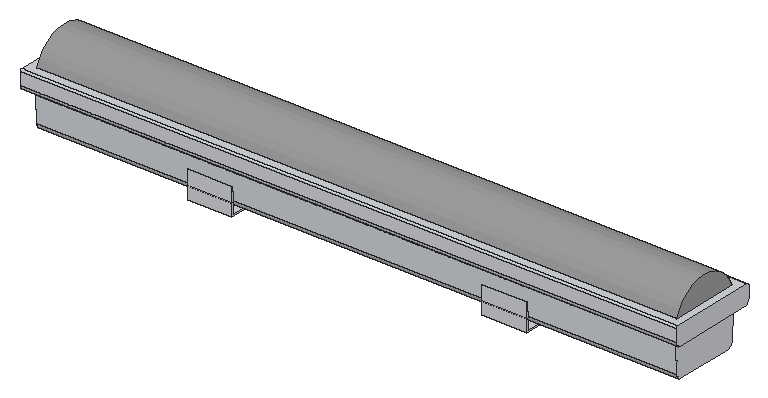
Revit family "0010202", category Lighting Fixtures, host Face, Revit 2017 (continued)
Types (60, lengths in mm): name | Weight | Wattage | TypeName | built-in parameter 1150134 | Photometric Web File | built-in parameter 1150142 | PowerFactor | PowerConsumption | NominalLength | Name | ModelReference | ModelNumber | Model | LuminousEfficacy | built-in parameter 1150105 | Lumens | LampNominalLuminous | LampMacAdamStep | LampColourTemperature | LENGHT_SYL | LENGHT_CHAMFER_SYL | LENGHT-_SYL | LENGHT-_CHAMFER_SYL | L0650_SYL | L1500_SYL | L1200_SYL | built-in parameter 1150107 | built-in parameter 1150106 | built-in parameter 1150104 | DocumentationLiterature | Description | BRACKET_WIDTH_SYL | BRACKET_DIST_SYL | Apparent Load
  0010253 RESISTO 1500 IP66 4000LM 840 EM | "2.5 kg" | 34 W | "Resisto  1500 IP66 4000lm 840 EM" | 12 | "0010253.ies" | "IESNA:LM-63-2002\r\n[TEST] 0010253\r\n[TESTLAB]\r\n[MANUFAC] \r\n[LUMCAT]\r\n[LUMINAIRE] Resisto  1500 IP66 4000lm 840  EM /4000 \r\n[LAMP] 0010253 Resisto  1500 IP66 400/4000\r\n[BALLAST] \r\n[ISSUEDATE]\r\n[OTHER] B-Angle = 0.00 B-Tilt = 0.00 2021-02-16\r\nTILT=NONE\r\n1 4000.00 1 37 5 1 2 0.087 1.500 0.040\r\n1.0 1.0 34.00\r\n   0.00   5.00  10.00  15.00  20.00  25.00  30.00  35.00  40.00  45.00\r\n  50.00  55.00  60.00  65.00  70.00  75.00  80.00  85.00  90.00  95.00\r\n 100.00 105.00 110.00 115.00 120.00 125.00 130.00 135.00 140.00 145.00\r\n 150.00 155.00 160.00 165.00 170.00 175.00 180.00\r\n   0.00  22.50  45.00  67.50  90.00\r\n    1286.32    1282.04    1267.08    1242.24    1204.20    1153.48    1089.96\r\n    1014.52     929.92     838.88     742.84     644.48     545.24     444.32\r\n     341.20     234.40     129.16      41.04       3.44       3.44       3.56\r\n       3.64       3.68       4.00       4.44       4.88       5.36       5.92\r\n       6.56       7.24       7.88       8.56       9.20       9.76      10.20\r\n      10.56      10.80\r\n    1286.32    1282.32    1258.96    1221.88    1180.52    1135.48    1084.04\r\n    1028.00     970.20     909.44     836.64     737.52     606.12     461.80\r\n     332.80     230.44     154.88      99.40      59.44      31.04      16.00\r\n       6.68       4.68       5.08       5.36       5.64       5.96       6.36\r\n       6.84       7.32       7.88       8.44       9.04       9.48       9.92\r\n      10.32      10.80\r\n    1286.32    1275.00    1239.36    1214.04    1191.84    1175.16    1166.84\r\n    1143.48    1092.48     985.60     822.80     647.44     502.76     392.92\r\n     309.80     246.88     196.16     151.64     115.40      87.72      60.76\r\n      37.96      22.28      12.12       7.48       7.32       7.24       7.24\r\n       7.24       7.52       7.96       8.44       8.92       9.36       9.80\r\n      10.16      10.80\r\n    1286.32    1269.16    1235.64    1223.44    1220.12    1235.36    1227.80\r\n    1181.72    1069.64     900.00     732.92     597.68     489.40     405.12\r\n     343.04     291.52     239.48     192.44     153.84     115.48      71.84\r\n      48.56      32.56      22.00      14.16       8.84       8.00       7.92\r\n       7.84       7.84       8.00       8.44       8.96       9.40       9.84\r\n      10.24      10.80\r\n    1286.32    1269.00    1235.96    1226.28    1235.68    1250.20    1239.32\r\n    1175.04    1040.44     867.00     712.80     589.00     489.24     414.92\r\n     359.04     308.00     254.04     204.76     161.72     113.20      70.92\r\n      50.04      36.08      26.60      18.72      12.48       9.84       9.60\r\n       9.48       9.36       9.40       9.68      10.16      10.56      10.84\r\n      10.96      10.80\r\n" | 0.95 | "34 W" | 1500 | "Resisto  1500 IP66 4000lm 840 EM" | "Resisto  1500 IP66 4000lm 840 EM" | "0010253" | "Resisto  1500 IP66 4000lm 840 EM" | "118 lm/W" | 1290.2 (stored number, unit not read) | 4012 lm | "4000 lm" | "5" | "4000 K" | 742 | 750 | -742 | -750 | no | yes | no | 4000 (stored number, unit not read) | 12.902 (stored number, unit not read) | 10.963 (stored number, unit not read) | "http://www.sylvania-lighting.com/product/en-int/products/0010253" | "Resisto, integrated LED weatherproof luminaire, with UV stabilized flat diffuser designed to achieve uniform lit appearance, optimise light output and to reduce glare. 301 stainless steel diffuser clips and fixing brackets for surface mounting. Polycarbonate housing and diffuser - no yellow discolouration over time. 4000lm; 34W; 118lm/W; 4000K; SDCM<5; non dimmable; CRI80; IP66; IK08; Class I; 69,000hrs (L80B20) lifespan; 1500mm x 89mm x 88mm; D-mark; 3-hour maintained emergency batteries." | 550 | 594 | 34 VA
  0010252 RESISTO 1500 IP66 7100LM 840 5XTH | "2.18 kg" | 52 W | "Resisto 1500 IP66 7100lm 840 5xTH" | 12 | "0010252.ies" | "IESNA:LM-63-2002\r\n[TEST] 0010252\r\n[TESTLAB]\r\n[MANUFAC] \r\n[LUMCAT]\r\n[LUMINAIRE] Resisto 1500 IP66 7100lm 840 5 xTH /4000 \r\n[LAMP] 0010252 Resisto 1500 IP66 7100/4000\r\n[BALLAST] \r\n[ISSUEDATE]\r\n[OTHER] B-Angle = 0.00 B-Tilt = 0.00 2021-02-16\r\nTILT=NONE\r\n1 7100.00 1 37 5 1 2 0.087 1.500 0.040\r\n1.0 1.0 52.00\r\n   0.00   5.00  10.00  15.00  20.00  25.00  30.00  35.00  40.00  45.00\r\n  50.00  55.00  60.00  65.00  70.00  75.00  80.00  85.00  90.00  95.00\r\n 100.00 105.00 110.00 115.00 120.00 125.00 130.00 135.00 140.00 145.00\r\n 150.00 155.00 160.00 165.00 170.00 175.00 180.00\r\n   0.00  22.50  45.00  67.50  90.00\r\n    2367.50    2355.99    2324.75    2272.21    2198.66    2105.22    1987.15\r\n    1846.50    1688.17    1517.63    1338.35    1156.09     971.56     783.84\r\n     591.57     393.34     202.42      52.40       6.04       6.32       6.60\r\n       6.74       7.10       7.67       8.38       9.23      10.15      11.15\r\n      12.28      13.49      14.70      15.90      16.97      17.96      18.82\r\n      19.38      19.74\r\n    2367.50    2349.25    2296.64    2224.43    2147.47    2064.82    1969.75\r\n    1864.18    1753.49    1637.54    1496.04    1306.61    1062.44     799.82\r\n     568.50     386.67     253.61     155.92      88.11      42.32      20.66\r\n       8.24       8.38       8.95       9.66      10.22      10.86      11.64\r\n      12.57      13.56      14.55      15.62      16.61      17.61      18.39\r\n      19.03      19.74\r\n    2367.50    2328.59    2259.79    2218.68    2171.11    2138.38    2120.20\r\n    2071.14    1967.62    1757.25    1446.63    1125.85     867.98     675.21\r\n     529.80     419.18     329.30     252.12     190.92     142.71      97.91\r\n      59.78      33.65      17.18      12.99      13.06      13.14      13.14\r\n      13.42      14.06      14.77      15.62      16.47      17.40      18.18\r\n      18.82      19.74\r\n    2367.50    2314.25    2259.57    2234.80    2232.45    2253.47    2231.60\r\n    2133.98    1911.53    1588.98    1283.82    1043.70     851.93     704.04\r\n     595.12     503.60     411.52     330.36     264.33     193.76     120.35\r\n      80.59      53.25      34.65      21.87      14.63      14.48      14.48\r\n      14.41      14.41      14.91      15.62      16.47      17.32      18.18\r\n      18.89      19.74\r\n    2367.50    2303.60    2263.13    2242.32    2275.55    2286.48    2253.19\r\n    2110.69    1838.62    1518.83    1247.26    1030.14     856.33     727.32\r\n     628.78     536.69     440.55     354.86     277.54     188.43     117.29\r\n      83.99      59.78      43.31      30.25      20.52      17.61      17.40\r\n      17.32      17.11      17.25      17.82      18.53      19.17      19.74\r\n      19.95      19.74\r\n" | 0.95 | "52 W" | 1500 | "Resisto 1500 IP66 7100lm 840 5xTH" | "Resisto 1500 IP66 7100lm 840 5xTH" | "0010252" | "Resisto 1500 IP66 7100lm 840 5xTH" | "137 lm/W" | 2375.5 (stored number, unit not read) | 7124 lm | "7100 lm" | "5" | "4000 K" | 742 | 750 | -742 | -750 | no | yes | no | 4000 (stored number, unit not read) | 23.755 (stored number, unit not read) | 12.728 (stored number, unit not read) | "http://www.sylvania-lighting.com/product/en-int/products/0010252" | "Resisto, integrated LED weatherproof luminaire, with UV stabilized flat diffuser designed to achieve uniform lit appearance, optimise light output and to reduce glare. 301 stainless steel diffuser clips and fixing brackets for surface mounting. Polycarbonate housing and diffuser - no yellow discolouration over time. 7100lm; 52W; 137lm/W; 4000K; SDCM<5; non dimmable; CRI80; IP66; IK08; Class I; 69,000hrs (L80B20) lifespan; 1500mm x 89mm x 88mm; D-mark; through wiring." | 550 | 594 | 52 VA
  0010251 RESISTO 1500 IP66 4000LM 840 5XTH | "2.1 kg" | 30 W | "Resisto 1500 IP66 4000lm 840 5xTH" | 12 | "0010251.ies" | "IESNA:LM-63-2002\r\n[TEST] 0010251\r\n[TESTLAB]\r\n[MANUFAC] \r\n[LUMCAT]\r\n[LUMINAIRE] Resisto 1500 IP66 4000lm 840 5 xTH /4000 \r\n[LAMP] 0010251 Resisto 1500 IP66 4000\r\n[BALLAST] \r\n[ISSUEDATE]\r\n[OTHER] B-Angle = 0.00 B-Tilt = 0.00 2021-02-16\r\nTILT=NONE\r\n1 4000.00 1 37 5 1 2 0.087 1.500 0.040\r\n1.0 1.0 30.00\r\n   0.00   5.00  10.00  15.00  20.00  25.00  30.00  35.00  40.00  45.00\r\n  50.00  55.00  60.00  65.00  70.00  75.00  80.00  85.00  90.00  95.00\r\n 100.00 105.00 110.00 115.00 120.00 125.00 130.00 135.00 140.00 145.00\r\n 150.00 155.00 160.00 165.00 170.00 175.00 180.00\r\n   0.00  22.50  45.00  67.50  90.00\r\n    1286.32    1282.04    1267.08    1242.24    1204.20    1153.48    1089.96\r\n    1014.52     929.92     838.88     742.84     644.48     545.24     444.32\r\n     341.20     234.40     129.16      41.04       3.44       3.44       3.56\r\n       3.64       3.68       4.00       4.44       4.88       5.36       5.92\r\n       6.56       7.24       7.88       8.56       9.20       9.76      10.20\r\n      10.56      10.80\r\n    1286.32    1282.32    1258.96    1221.88    1180.52    1135.48    1084.04\r\n    1028.00     970.20     909.44     836.64     737.52     606.12     461.80\r\n     332.80     230.44     154.88      99.40      59.44      31.04      16.00\r\n       6.68       4.68       5.08       5.36       5.64       5.96       6.36\r\n       6.84       7.32       7.88       8.44       9.04       9.48       9.92\r\n      10.32      10.80\r\n    1286.32    1275.00    1239.36    1214.04    1191.84    1175.16    1166.84\r\n    1143.48    1092.48     985.60     822.80     647.44     502.76     392.92\r\n     309.80     246.88     196.16     151.64     115.40      87.72      60.76\r\n      37.96      22.28      12.12       7.48       7.32       7.24       7.24\r\n       7.24       7.52       7.96       8.44       8.92       9.36       9.80\r\n      10.16      10.80\r\n    1286.32    1269.16    1235.64    1223.44    1220.12    1235.36    1227.80\r\n    1181.72    1069.64     900.00     732.92     597.68     489.40     405.12\r\n     343.04     291.52     239.48     192.44     153.84     115.48      71.84\r\n      48.56      32.56      22.00      14.16       8.84       8.00       7.92\r\n       7.84       7.84       8.00       8.44       8.96       9.40       9.84\r\n      10.24      10.80\r\n    1286.32    1269.00    1235.96    1226.28    1235.68    1250.20    1239.32\r\n    1175.04    1040.44     867.00     712.80     589.00     489.24     414.92\r\n     359.04     308.00     254.04     204.76     161.72     113.20      70.92\r\n      50.04      36.08      26.60      18.72      12.48       9.84       9.60\r\n       9.48       9.36       9.40       9.68      10.16      10.56      10.84\r\n      10.96      10.80\r\n" | 0.95 | "30 W" | 1500 | "Resisto 1500 IP66 4000lm 840 5xTH" | "Resisto 1500 IP66 4000lm 840 5xTH" | "0010251" | "Resisto 1500 IP66 4000lm 840 5xTH" | "133 lm/W" | 1283.1 (stored number, unit not read) | 3990 lm | "4000 lm" | "5" | "4000 K" | 742 | 750 | -742 | -750 | no | yes | no | 4000 (stored number, unit not read) | 12.831 (stored number, unit not read) | 12.356 (stored number, unit not read) | "http://www.sylvania-lighting.com/product/en-int/products/0010251" | "Resisto, integrated LED weatherproof luminaire, with UV stabilized flat diffuser designed to achieve uniform lit appearance, optimise light output and to reduce glare. 301 stainless steel diffuser clips and fixing brackets for surface mounting. Polycarbonate housing and diffuser - no yellow discolouration over time. 4000lm; 30W; 133lm/W; 4000K; SDCM<5; non dimmable; CRI80; IP66; IK08; Class I; 69,000hrs (L80B20) lifespan; 1500mm x 89mm x 88mm; D-mark; through wiring." | 550 | 594 | 30 VA
  0010250 RESISTO 1500 IP66 7100LM 840 QC | "2.02 kg" | 52 W | "Resisto  1500 IP66 7100lm 840 QC" | 12 | "0010250.ies" | "IESNA:LM-63-2002\r\n[TEST] 0010250\r\n[TESTLAB]\r\n[MANUFAC] \r\n[LUMCAT]\r\n[LUMINAIRE] Resisto  1500 IP66 7100lm 840  QC /4000 \r\n[LAMP] 0010250 Resisto  1500 IP66 710/4000\r\n[BALLAST] \r\n[ISSUEDATE]\r\n[OTHER] B-Angle = 0.00 B-Tilt = 0.00 2021-02-16\r\nTILT=NONE\r\n1 7100.00 1 37 5 1 2 0.087 1.500 0.040\r\n1.0 1.0 52.00\r\n   0.00   5.00  10.00  15.00  20.00  25.00  30.00  35.00  40.00  45.00\r\n  50.00  55.00  60.00  65.00  70.00  75.00  80.00  85.00  90.00  95.00\r\n 100.00 105.00 110.00 115.00 120.00 125.00 130.00 135.00 140.00 145.00\r\n 150.00 155.00 160.00 165.00 170.00 175.00 180.00\r\n   0.00  22.50  45.00  67.50  90.00\r\n    2367.50    2355.99    2324.75    2272.21    2198.66    2105.22    1987.15\r\n    1846.50    1688.17    1517.63    1338.35    1156.09     971.56     783.84\r\n     591.57     393.34     202.42      52.40       6.04       6.32       6.60\r\n       6.74       7.10       7.67       8.38       9.23      10.15      11.15\r\n      12.28      13.49      14.70      15.90      16.97      17.96      18.82\r\n      19.38      19.74\r\n    2367.50    2349.25    2296.64    2224.43    2147.47    2064.82    1969.75\r\n    1864.18    1753.49    1637.54    1496.04    1306.61    1062.44     799.82\r\n     568.50     386.67     253.61     155.92      88.11      42.32      20.66\r\n       8.24       8.38       8.95       9.66      10.22      10.86      11.64\r\n      12.57      13.56      14.55      15.62      16.61      17.61      18.39\r\n      19.03      19.74\r\n    2367.50    2328.59    2259.79    2218.68    2171.11    2138.38    2120.20\r\n    2071.14    1967.62    1757.25    1446.63    1125.85     867.98     675.21\r\n     529.80     419.18     329.30     252.12     190.92     142.71      97.91\r\n      59.78      33.65      17.18      12.99      13.06      13.14      13.14\r\n      13.42      14.06      14.77      15.62      16.47      17.40      18.18\r\n      18.82      19.74\r\n    2367.50    2314.25    2259.57    2234.80    2232.45    2253.47    2231.60\r\n    2133.98    1911.53    1588.98    1283.82    1043.70     851.93     704.04\r\n     595.12     503.60     411.52     330.36     264.33     193.76     120.35\r\n      80.59      53.25      34.65      21.87      14.63      14.48      14.48\r\n      14.41      14.41      14.91      15.62      16.47      17.32      18.18\r\n      18.89      19.74\r\n    2367.50    2303.60    2263.13    2242.32    2275.55    2286.48    2253.19\r\n    2110.69    1838.62    1518.83    1247.26    1030.14     856.33     727.32\r\n     628.78     536.69     440.55     354.86     277.54     188.43     117.29\r\n      83.99      59.78      43.31      30.25      20.52      17.61      17.40\r\n      17.32      17.11      17.25      17.82      18.53      19.17      19.74\r\n      19.95      19.74\r\n" | 0.95 | "52 W" | 1512 | "Resisto  1500 IP66 7100lm 840 QC" | "Resisto  1500 IP66 7100lm 840 QC" | "0010250" | "Resisto  1500 IP66 7100lm 840 QC" | "137 lm/W" | 2375.5 (stored number, unit not read) | 7124 lm | "7100 lm" | "5" | "4000 K" | 742 | 750 | -742 | -750 | no | yes | no | 4000 (stored number, unit not read) | 23.755 (stored number, unit not read) | 12.728 (stored number, unit not read) | "http://www.sylvania-lighting.com/product/en-int/products/0010250" | "Resisto, integrated LED weatherproof luminaire, with UV stabilized flat diffuser designed to achieve uniform lit appearance, optimise light output and to reduce glare. 301 stainless steel diffuser clips and fixing brackets for surface mounting. Polycarbonate housing and diffuser - no yellow discolouration over time. 7100lm; 52W; 137lm/W; 4000K; SDCM<5; non dimmable; CRI80; IP66; IK08; Class I; 69,000hrs (L80B20) lifespan; 1500mm x 89mm x 88mm; D-mark; assembled with quick connector." | 550 | 594 | 52 VA
  0010249 RESISTO 1500 IP66 4000LM 840 QC | "1.94 kg" | 30 W | "Resisto  1500 IP66 4000lm 840 QC" | 12 | "0010249.ies" | "IESNA:LM-63-2002\r\n[TEST] 0010249\r\n[TESTLAB]\r\n[MANUFAC] \r\n[LUMCAT]\r\n[LUMINAIRE] Resisto  1500 IP66 4000lm 840  QC /4000 \r\n[LAMP] 0010249 Resisto  1500 IP66 400/4000\r\n[BALLAST] \r\n[ISSUEDATE]\r\n[OTHER] B-Angle = 0.00 B-Tilt = 0.00 2021-02-16\r\nTILT=NONE\r\n1 4000.00 1 37 5 1 2 0.087 1.500 0.040\r\n1.0 1.0 30.00\r\n   0.00   5.00  10.00  15.00  20.00  25.00  30.00  35.00  40.00  45.00\r\n  50.00  55.00  60.00  65.00  70.00  75.00  80.00  85.00  90.00  95.00\r\n 100.00 105.00 110.00 115.00 120.00 125.00 130.00 135.00 140.00 145.00\r\n 150.00 155.00 160.00 165.00 170.00 175.00 180.00\r\n   0.00  22.50  45.00  67.50  90.00\r\n    1286.32    1282.04    1267.08    1242.24    1204.20    1153.48    1089.96\r\n    1014.52     929.92     838.88     742.84     644.48     545.24     444.32\r\n     341.20     234.40     129.16      41.04       3.44       3.44       3.56\r\n       3.64       3.68       4.00       4.44       4.88       5.36       5.92\r\n       6.56       7.24       7.88       8.56       9.20       9.76      10.20\r\n      10.56      10.80\r\n    1286.32    1282.32    1258.96    1221.88    1180.52    1135.48    1084.04\r\n    1028.00     970.20     909.44     836.64     737.52     606.12     461.80\r\n     332.80     230.44     154.88      99.40      59.44      31.04      16.00\r\n       6.68       4.68       5.08       5.36       5.64       5.96       6.36\r\n       6.84       7.32       7.88       8.44       9.04       9.48       9.92\r\n      10.32      10.80\r\n    1286.32    1275.00    1239.36    1214.04    1191.84    1175.16    1166.84\r\n    1143.48    1092.48     985.60     822.80     647.44     502.76     392.92\r\n     309.80     246.88     196.16     151.64     115.40      87.72      60.76\r\n      37.96      22.28      12.12       7.48       7.32       7.24       7.24\r\n       7.24       7.52       7.96       8.44       8.92       9.36       9.80\r\n      10.16      10.80\r\n    1286.32    1269.16    1235.64    1223.44    1220.12    1235.36    1227.80\r\n    1181.72    1069.64     900.00     732.92     597.68     489.40     405.12\r\n     343.04     291.52     239.48     192.44     153.84     115.48      71.84\r\n      48.56      32.56      22.00      14.16       8.84       8.00       7.92\r\n       7.84       7.84       8.00       8.44       8.96       9.40       9.84\r\n      10.24      10.80\r\n    1286.32    1269.00    1235.96    1226.28    1235.68    1250.20    1239.32\r\n    1175.04    1040.44     867.00     712.80     589.00     489.24     414.92\r\n     359.04     308.00     254.04     204.76     161.72     113.20      70.92\r\n      50.04      36.08      26.60      18.72      12.48       9.84       9.60\r\n       9.48       9.36       9.40       9.68      10.16      10.56      10.84\r\n      10.96      10.80\r\n" | 0.95 | "30 W" | 1512 | "Resisto  1500 IP66 4000lm 840 QC" | "Resisto  1500 IP66 4000lm 840 QC" | "0010249" | "Resisto  1500 IP66 4000lm 840 QC" | "133 lm/W" | 1283.1 (stored number, unit not read) | 3990 lm | "4000 lm" | "5" | "4000 K" | 742 | 750 | -742 | -750 | no | yes | no | 4000 (stored number, unit not read) | 12.831 (stored number, unit not read) | 12.356 (stored number, unit not read) | "http://www.sylvania-lighting.com/product/en-int/products/0010249" | "Resisto, integrated LED weatherproof luminaire, with UV stabilized flat diffuser designed to achieve uniform lit appearance, optimise light output and to reduce glare. 301 stainless steel diffuser clips and fixing brackets for surface mounting. Polycarbonate housing and diffuser - no yellow discolouration over time. 4000lm; 30W; 133lm/W; 4000K; SDCM<5; non dimmable; CRI80; IP66; IK08; Class I; 69,000hrs (L80B20) lifespan; 1500mm x 89mm x 88mm; D-mark; assembled with quick connector." | 550 | 594 | 30 VA
  0010248 RESISTO 1500 IP66 8300LM 865 | "1.95 kg" | 61 W | "Resisto  1500 IP66 8300lm 865" | 1 | "0010248.ies" | "IESNA:LM-63-2002\r\n[TEST] 0010248\r\n[TESTLAB]\r\n[MANUFAC] \r\n[LUMCAT]\r\n[LUMINAIRE] Resisto  1500 IP66 8300lm 865  /6500 \r\n[LAMP] 0010248 Resisto  1500 IP66 830/6500\r\n[BALLAST] \r\n[ISSUEDATE]\r\n[OTHER] B-Angle = 0.00 B-Tilt = 0.00 2021-02-16\r\nTILT=NONE\r\n1 8300.00 1 37 5 1 2 0.087 1.500 0.040\r\n1.0 1.0 61.00\r\n   0.00   5.00  10.00  15.00  20.00  25.00  30.00  35.00  40.00  45.00\r\n  50.00  55.00  60.00  65.00  70.00  75.00  80.00  85.00  90.00  95.00\r\n 100.00 105.00 110.00 115.00 120.00 125.00 130.00 135.00 140.00 145.00\r\n 150.00 155.00 160.00 165.00 170.00 175.00 180.00\r\n   0.00  22.50  45.00  67.50  90.00\r\n    2794.11    2777.43    2737.84    2672.02    2584.70    2469.75    2325.99\r\n    2158.25    1971.91    1771.55    1562.47    1349.33    1134.94     915.49\r\n     690.23     457.99     236.05      63.83       7.39       7.72       8.05\r\n       8.30       8.47       9.21      10.04      11.12      12.20      13.45\r\n      14.86      16.27      17.76      19.26      20.50      21.66      22.66\r\n      23.41      23.74\r\n    2794.11    2766.39    2701.24    2614.58    2523.45    2425.18    2311.22\r\n    2185.47    2055.91    1917.63    1746.65    1516.74    1223.75     916.65\r\n     650.47     441.56     288.59     177.04      99.43      46.89      23.24\r\n       9.71      10.04      10.79      11.62      12.28      13.03      14.03\r\n      15.11      16.27      17.51      18.76      19.92      21.00      21.91\r\n      22.66      23.74\r\n    2794.11    2741.99    2662.31    2613.09    2558.06    2525.86    2501.79\r\n    2443.11    2306.74    2041.38    1666.39    1295.71    1000.73     780.03\r\n     613.29     486.38     381.80     291.41     220.53     164.17     110.89\r\n      67.81      38.18      19.92      15.44      15.52      15.60      15.60\r\n      16.02      16.77      17.68      18.59      19.59      20.58      21.50\r\n      22.24      23.74\r\n    2794.11    2726.96    2665.96    2636.83    2646.95    2668.12    2640.56\r\n    2510.25    2225.56    1840.69    1490.60    1214.54     994.42     826.18\r\n     700.93     591.71     482.31     386.78     307.76     220.53     135.79\r\n      92.05      61.59      40.59      25.65      17.35      17.10      17.10\r\n      17.01      17.10      17.68      18.59      19.42      20.42      21.41\r\n      22.24      23.74\r\n    2794.11    2719.08    2674.92    2652.85    2699.66    2715.59    2670.03\r\n    2485.19    2145.30    1768.73    1455.90    1204.50    1006.04     859.05\r\n     744.51     633.79     519.00     417.24     320.96     214.06     134.96\r\n      97.61      70.22      51.13      35.94      24.40      21.00      20.67\r\n      20.50      20.25      20.42      21.16      22.08      22.74      23.41\r\n      23.65      23.74\r\n" | 0.95 | "61 W" | 1500 | "Resisto  1500 IP66 8300lm 865" | "Resisto  1500 IP66 8300lm 865" | "0010248" | "Resisto  1500 IP66 8300lm 865" | "136 lm/W" | 2792.8 (stored number, unit not read) | 8296 lm | "8300 lm" | "5" | "6500 K" | 742 | 750 | -742 | -750 | no | yes | no | 6500 (stored number, unit not read) | 27.928 (stored number, unit not read) | 12.635 (stored number, unit not read) | "http://www.sylvania-lighting.com/product/en-int/products/0010248" | "Resisto, integrated LED weatherproof luminaire, with UV stabilized flat diffuser designed to achieve uniform lit appearance, optimise light output and to reduce glare. 301 stainless steel diffuser clips and fixing brackets for surface mounting. Polycarbonate housing and diffuser - no yellow discolouration over time. 8300lm; 61W; 136lm/W; 6500K; SDCM<5; non dimmable; CRI80; IP66; IK08; Class I; 69,000hrs (L80B20) lifespan; 1500mm x 89mm x 88mm; D-mark." | 550 | 594 | 61 VA
  0010247 RESISTO 1500 IP66 7100LM 865 | "1.95 kg" | 52 W | "Resisto  1500 IP66 7100lm 865" | 1 | "0010247.ies" | "IESNA:LM-63-2002\r\n[TEST] 0010247\r\n[TESTLAB]\r\n[MANUFAC] \r\n[LUMCAT]\r\n[LUMINAIRE] Resisto  1500 IP66 7100lm 865  /6500 \r\n[LAMP] 0010247 Resisto  1500 IP66 710/6500\r\n[BALLAST] \r\n[ISSUEDATE]\r\n[OTHER] B-Angle = 0.00 B-Tilt = 0.00 2021-02-16\r\nTILT=NONE\r\n1 7100.00 1 37 5 1 2 0.087 1.500 0.040\r\n1.0 1.0 52.00\r\n   0.00   5.00  10.00  15.00  20.00  25.00  30.00  35.00  40.00  45.00\r\n  50.00  55.00  60.00  65.00  70.00  75.00  80.00  85.00  90.00  95.00\r\n 100.00 105.00 110.00 115.00 120.00 125.00 130.00 135.00 140.00 145.00\r\n 150.00 155.00 160.00 165.00 170.00 175.00 180.00\r\n   0.00  22.50  45.00  67.50  90.00\r\n    2367.50    2355.99    2324.75    2272.21    2198.66    2105.22    1987.15\r\n    1846.50    1688.17    1517.63    1338.35    1156.09     971.56     783.84\r\n     591.57     393.34     202.42      52.40       6.04       6.32       6.60\r\n       6.74       7.10       7.67       8.38       9.23      10.15      11.15\r\n      12.28      13.49      14.70      15.90      16.97      17.96      18.82\r\n      19.38      19.74\r\n    2367.50    2349.25    2296.64    2224.43    2147.47    2064.82    1969.75\r\n    1864.18    1753.49    1637.54    1496.04    1306.61    1062.44     799.82\r\n     568.50     386.67     253.61     155.92      88.11      42.32      20.66\r\n       8.24       8.38       8.95       9.66      10.22      10.86      11.64\r\n      12.57      13.56      14.55      15.62      16.61      17.61      18.39\r\n      19.03      19.74\r\n    2367.50    2328.59    2259.79    2218.68    2171.11    2138.38    2120.20\r\n    2071.14    1967.62    1757.25    1446.63    1125.85     867.98     675.21\r\n     529.80     419.18     329.30     252.12     190.92     142.71      97.91\r\n      59.78      33.65      17.18      12.99      13.06      13.14      13.14\r\n      13.42      14.06      14.77      15.62      16.47      17.40      18.18\r\n      18.82      19.74\r\n    2367.50    2314.25    2259.57    2234.80    2232.45    2253.47    2231.60\r\n    2133.98    1911.53    1588.98    1283.82    1043.70     851.93     704.04\r\n     595.12     503.60     411.52     330.36     264.33     193.76     120.35\r\n      80.59      53.25      34.65      21.87      14.63      14.48      14.48\r\n      14.41      14.41      14.91      15.62      16.47      17.32      18.18\r\n      18.89      19.74\r\n    2367.50    2303.60    2263.13    2242.32    2275.55    2286.48    2253.19\r\n    2110.69    1838.62    1518.83    1247.26    1030.14     856.33     727.32\r\n     628.78     536.69     440.55     354.86     277.54     188.43     117.29\r\n      83.99      59.78      43.31      30.25      20.52      17.61      17.40\r\n      17.32      17.11      17.25      17.82      18.53      19.17      19.74\r\n      19.95      19.74\r\n" | 0.95 | "52 W" | 1500 | "Resisto  1500 IP66 7100lm 865" | "Resisto  1500 IP66 7100lm 865" | "0010247" | "Resisto  1500 IP66 7100lm 865" | "137 lm/W" | 2375.5 (stored number, unit not read) | 7124 lm | "7100 lm" | "5" | "6500 K" | 742 | 750 | -742 | -750 | no | yes | no | 6500 (stored number, unit not read) | 23.755 (stored number, unit not read) | 12.728 (stored number, unit not read) | "http://www.sylvania-lighting.com/product/en-int/products/0010247" | "Resisto, integrated LED weatherproof luminaire, with UV stabilized flat diffuser designed to achieve uniform lit appearance, optimise light output and to reduce glare. 301 stainless steel diffuser clips and fixing brackets for surface mounting. Polycarbonate housing and diffuser - no yellow discolouration over time. 7100lm; 52W; 137lm/W; 6500K; SDCM<5; non dimmable; CRI80; IP66; IK08; Class I; 69,000hrs (L80B20) lifespan; 1500mm x 89mm x 88mm; D-mark." | 550 | 594 | 52 VA
  0010246 RESISTO 1500 IP66 4000LM 865 | "1.87 kg" | 30 W | "Resisto  1500 IP66 4000lm 865" | 1 | "0010246.ies" | "IESNA:LM-63-2002\r\n[TEST] 0010246\r\n[TESTLAB]\r\n[MANUFAC] \r\n[LUMCAT]\r\n[LUMINAIRE] Resisto  1500 IP66 4000lm 865  /6500 \r\n[LAMP] 0010246 Resisto  1500 IP66 400/6500\r\n[BALLAST] \r\n[ISSUEDATE]\r\n[OTHER] B-Angle = 0.00 B-Tilt = 0.00 2021-02-16\r\nTILT=NONE\r\n1 4000.00 1 37 5 1 2 0.087 1.500 0.040\r\n1.0 1.0 30.00\r\n   0.00   5.00  10.00  15.00  20.00  25.00  30.00  35.00  40.00  45.00\r\n  50.00  55.00  60.00  65.00  70.00  75.00  80.00  85.00  90.00  95.00\r\n 100.00 105.00 110.00 115.00 120.00 125.00 130.00 135.00 140.00 145.00\r\n 150.00 155.00 160.00 165.00 170.00 175.00 180.00\r\n   0.00  22.50  45.00  67.50  90.00\r\n    1286.32    1282.04    1267.08    1242.24    1204.20    1153.48    1089.96\r\n    1014.52     929.92     838.88     742.84     644.48     545.24     444.32\r\n     341.20     234.40     129.16      41.04       3.44       3.44       3.56\r\n       3.64       3.68       4.00       4.44       4.88       5.36       5.92\r\n       6.56       7.24       7.88       8.56       9.20       9.76      10.20\r\n      10.56      10.80\r\n    1286.32    1282.32    1258.96    1221.88    1180.52    1135.48    1084.04\r\n    1028.00     970.20     909.44     836.64     737.52     606.12     461.80\r\n     332.80     230.44     154.88      99.40      59.44      31.04      16.00\r\n       6.68       4.68       5.08       5.36       5.64       5.96       6.36\r\n       6.84       7.32       7.88       8.44       9.04       9.48       9.92\r\n      10.32      10.80\r\n    1286.32    1275.00    1239.36    1214.04    1191.84    1175.16    1166.84\r\n    1143.48    1092.48     985.60     822.80     647.44     502.76     392.92\r\n     309.80     246.88     196.16     151.64     115.40      87.72      60.76\r\n      37.96      22.28      12.12       7.48       7.32       7.24       7.24\r\n       7.24       7.52       7.96       8.44       8.92       9.36       9.80\r\n      10.16      10.80\r\n    1286.32    1269.16    1235.64    1223.44    1220.12    1235.36    1227.80\r\n    1181.72    1069.64     900.00     732.92     597.68     489.40     405.12\r\n     343.04     291.52     239.48     192.44     153.84     115.48      71.84\r\n      48.56      32.56      22.00      14.16       8.84       8.00       7.92\r\n       7.84       7.84       8.00       8.44       8.96       9.40       9.84\r\n      10.24      10.80\r\n    1286.32    1269.00    1235.96    1226.28    1235.68    1250.20    1239.32\r\n    1175.04    1040.44     867.00     712.80     589.00     489.24     414.92\r\n     359.04     308.00     254.04     204.76     161.72     113.20      70.92\r\n      50.04      36.08      26.60      18.72      12.48       9.84       9.60\r\n       9.48       9.36       9.40       9.68      10.16      10.56      10.84\r\n      10.96      10.80\r\n" | 0.95 | "30 W" | 1500 | "Resisto  1500 IP66 4000lm 865" | "Resisto  1500 IP66 4000lm 865" | "0010246" | "Resisto  1500 IP66 4000lm 865" | "133 lm/W" | 1283.1 (stored number, unit not read) | 3990 lm | "4000 lm" | "5" | "6500 K" | 742 | 750 | -742 | -750 | no | yes | no | 6500 (stored number, unit not read) | 12.831 (stored number, unit not read) | 12.356 (stored number, unit not read) | "http://www.sylvania-lighting.com/product/en-int/products/0010246" | "Resisto, integrated LED weatherproof luminaire, with UV stabilized flat diffuser designed to achieve uniform lit appearance, optimise light output and to reduce glare. 301 stainless steel diffuser clips and fixing brackets for surface mounting. Polycarbonate housing and diffuser - no yellow discolouration over time. 4000lm; 30W; 133lm/W; 6500K; SDCM<5; non dimmable; CRI80; IP66; IK08; Class I; 69,000hrs (L80B20) lifespan; 1500mm x 89mm x 88mm; D-mark." | 550 | 594 | 30 VA
  0010245 RESISTO 1500 IP66 8300LM 840 | "15.48 kg" | 61 W | "Resisto  1500 IP66 8300lm 840" | 12 | "0010245.ies" | "IESNA:LM-63-2002\r\n[TEST] 0010245\r\n[TESTLAB] Sylvania\r\n[TESTDATE] 2 Nov 2020\r\n[ISSUEDATE] 2 Nov 2020\r\n[MANUFAC] Sylvania\r\n[LUMCAT] 0010245\r\n[LUMINAIRE] Resisto  1500 IP65 8300lm 840\r\n[FLASHAREA] 0.089789\r\n[LAMPCAT] 0010245 Resisto  1500 IP65 8300lm 840\r\n[LAMP] 0010245 Resisto  1500 IP65 8300lm 840\r\n[OTHER] Absolute Photometry\r\nTILT=NONE\r\n1 -1 1.0 37 5 1 2 0.087 1.500 0.040\r\n1.00 1.00 61.00\r\n0.00 5.00 10.00 15.00 20.00 25.00 30.00 35.00 40.00 45.00 \r\n50.00 55.00 60.00 65.00 70.00 75.00 80.00 85.00 90.00 \r\n95.00 100.00 105.00 110.00 115.00 120.00 125.00 130.00 \r\n135.00 140.00 145.00 150.00 155.00 160.00 165.00 170.00 \r\n175.00 180.00 \r\n0.00 22.50 45.00 67.50 90.00 \r\n2794.10 2777.41 2737.82 2671.99 2584.68 2469.71 2325.98 \r\n2158.23 1971.88 1771.54 1562.50 1349.32 1134.98 915.53 \r\n690.24 457.98 236.01 63.82 7.37 7.69 8.04 8.28 8.45 9.22 \r\n10.07 11.11 12.23 13.48 14.84 16.27 17.76 19.22 20.54 \r\n21.70 22.68 23.43 23.76 \r\n2794.10 2766.36 2701.26 2614.62 2523.43 2425.14 2311.20 \r\n2185.48 2055.87 1917.64 1746.66 1516.71 1223.78 916.66 \r\n650.51 441.55 288.60 177.04 99.42 46.89 23.26 9.70 10.06 \r\n10.80 11.59 12.28 13.05 14.01 15.12 16.30 17.52 18.72 \r\n19.90 20.99 21.94 22.68 23.76 \r\n2794.10 2741.96 2662.30 2613.12 2558.05 2525.83 2501.75 \r\n2443.12 2306.73 2041.39 1666.38 1295.68 1000.69 780.07 \r\n613.28 486.35 381.82 291.43 220.50 164.18 110.92 67.79 \r\n38.20 19.89 15.41 15.50 15.56 15.63 15.99 16.75 17.67 \r\n18.60 19.61 20.60 21.50 22.23 23.76 \r\n2794.10 2726.93 2665.98 2636.83 2646.99 2668.08 2640.55 \r\n2510.23 2225.55 1840.72 1490.60 1214.57 994.38 826.14 \r\n700.92 591.74 482.34 386.74 307.73 220.55 135.83 92.08 \r\n61.57 40.58 25.66 17.37 17.13 17.12 17.04 17.09 17.65 \r\n18.56 19.45 20.44 21.42 22.21 23.76 \r\n2794.10 2719.06 2674.89 2652.87 2699.69 2715.59 2669.99 \r\n2485.15 2145.29 1768.69 1455.90 1204.50 1006.07 859.07 \r\n744.47 633.78 519.04 417.22 321.00 214.03 134.99 97.58 \r\n70.18 51.09 35.91 24.43 21.00 20.64 20.47 20.26 20.40 \r\n21.14 22.05 22.72 23.43 23.62 23.76 \r\n" | 0.95 | "61.0 W" | 1500 | "Resisto  1500 IP66 8300lm 840" | "Resisto  1500 IP66 8300lm 840" | "0010245" | "Resisto  1500 IP66 8300lm 840" | "136 lm/W" | -23179853.6 (stored number, unit not read) | 8296 lm | "8300 lm" | "5" | "4000 K" | 742 | 750 | -742 | -750 | no | yes | no | 4000 (stored number, unit not read) | -231798.5 (stored number, unit not read) | 12.635 (stored number, unit not read) | "http://www.sylvania-lighting.com/product/en-int/products/0010245" | "Resisto, integrated LED weatherproof luminaire, with UV stabilized flat diffuser designed to achieve uniform lit appearance, optimise light output and to reduce glare. 301 stainless steel diffuser clips and fixing brackets for surface mounting. Polycarbonate housing and diffuser - no yellow discolouration over time. 8300lm; 61W; 136lm/W; 4000K; SDCM<5; non dimmable; CRI80; IP66; IK08; Class I; 69,000hrs (L80B20) lifespan; 1500mm x 89mm x 88mm; D-mark." | 550 | 594 | 61 VA
